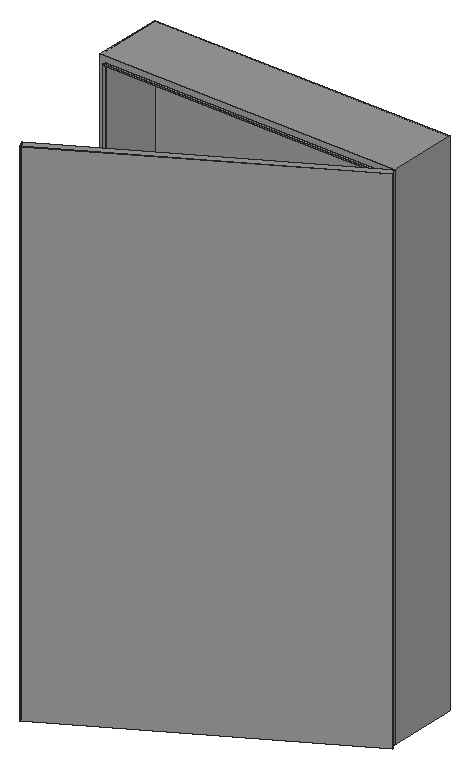
Revit family "Hager-Univers-IP44-D205-H1400-Cl.II-Encl-NoHosted-AT-de", category Equipement électrique, Revit 2020
Family settings
  Configuration du panneau = Deux colonnes, circuits au sein
  Cote de connecteur circulaire = Utiliser le diamètre
  Type d'élément = Tableau de raccordement
  Basée sur le plan de construction = Oui
  Toujours verticalement = Oui
  Couper avec des vides une fois chargée = Non
  Partagée = Non
  Point de calcul de pièce = Non
Parameters (values of type "Aufputz IP44 B800 H1400 T205  - FP93SN2")
  Width Control [instance] = if([EF000008 - Breite] > Min Width, [EF000008 - Breite], Min Width)  # 800 mm
  Commentaires du type = [HG000003 - Bereich]  # "Univers"
  Thickness Door [instance] = if([EF009171 - Materialstärke Tür/Deckel] > 3 mm, 3 mm, [EF009171 - Materialstärke Tür/Deckel])  # 1 mm
  Seal Frame Offset [instance] = 17 mm  # constant formula
  Plinth Visibility [instance] = [HG000027 - Sockelhöhe] > 0 mm  # no
  Min Width [instance] = 100 mm  # constant formula
  Min Depth [instance] = (2 * [EF009170 - Materialstärke Gehäuse]) + 1 mm  # 3 mm
  Min Height [instance] = 100 mm  # constant formula
  Internal Frame Depth [instance] = (Door System Depth * 0.5)  # 9 mm
  Panel Name [instance] = ""  # (empty or 0)
  Model = ""
  HG000027 - Sockelhöhe = 0 mm
  HG000026 - Stehend auf dem Boden = no
  HG000024 - Höhe des unteren Teils = 600 mm
  HG000023 - Gehäuse mit doppeltem Querschnitt = no
  HG000016 - 3D-Türsichtbarkeit [instance] = yes
  HG000015 - Sichtbarkeit der Türöffnung [instance] = no
  HG000014 - Tür rechts [instance] = yes
  HG000013 - Tür links [instance] = not([HG000014 - Tür rechts])  # no
  HG000012 - Türschwenkwinkel [instance] = 30.00°
  HG000010 - Asymmetrische Türen = no
  HG000009 - Doppelflügeligen Tür = no
  HG000006 - Unterputz = no
  HG000004 - Herstellerreferenz = "FP93SN2"
  HG000003 - Bereich = "Univers"
  HG000002 - Mit tür = yes
  Frame Offset Bottom [instance] = 10 mm  # constant formula
  Frame Offset [instance] = 15 mm  # constant formula
  EF015940 - Deckel mit Überdruckentlastung = no
  EF011959 - Schutzart (NEMA) = ""
  EF009554 - Anzahl der Öffnungen für Flanschplatten = 6
  EF009212 - Ausführung Deckel = "EV000116 - geschlossen"
  EF009171 - Materialstärke Tür/Deckel = 1 mm
  EF009170 - Materialstärke Gehäuse = 1 mm
  EF008873 - Nennstrom (In) = 250 A
  EF007800 - Geeignet für Blitzschutz = no
  EF006306 - Mit Schloss = no
  EF006244 - Transparenter Deckel/Tür = no
  EF005474 - Schutzart (IP) = "EV006418 - IP44"
  EF004464 - Art der Tür = "EV002646 - Einzel"
  EF004427 - Anzahl der Module = 324
  EF004293 - Schlagfestigkeit = "EV006815 - IK09"
  EF003532 - Geeignet für Außengebrauch = no
  EF002950 - Breite in Teilungseinheiten = 36
  EF001613 - Funktionserhalt = "EV000494 - ohne"
  EF001596 - Werkstoff des Gehäuses = "EV000179 - Stahl"
  EF001131 - Innentiefe = 143 mm
  EF001088 - Anbaumöglichkeit = yes
  EF000437 - Anzahl der Leitungseinführungen = 6
  EF000339 - Art der Abdeckung = "EV001012 - Deckel"
  EF000266 - Anzahl der Reihen = 9
  EF000218 - Einbautiefe = 205 mm
  EF000118 - Mit Montageplatte = no
  EF000116 - RAL-Nummer = "9010"
  EF000049 - Tiefe = 205 mm
  EF000040 - Höhe = 1400 mm
  EF000008 - Breite = 800 mm
  EF000007 - Farbe = "EV000202 - weiß"
  EF000003 - Montageart = "EV000384 - Aufputz"
  Door System Leaf Tolerance [instance] = 1.5 mm  # constant formula
  Door System Depth [instance] = 18 mm  # constant formula
  Door Height [instance] = Height Control - [HG000027 - Sockelhöhe]  # 1400 mm
  Description = ""
  Default Elevation = 1219.2 mm
  Connector Offset [instance] = Height Control / 2  # 700 mm
  Fabricant = "Hager"  # constant formula
  Height Control [instance] = if([EF000040 - Höhe] > Min Height, [EF000040 - Höhe], Min Height)  # 1400 mm
  Depth Control [instance] = if([EF000049 - Tiefe] > Min Depth, [EF000049 - Tiefe], Min Depth)  # 205 mm
  Bottom Top Plate Trim [instance] = 1.5 mm  # constant formula
  Plinth height Ctrl [instance] = if([HG000027 - Sockelhöhe] > 0 mm, [HG000027 - Sockelhöhe], 12 mm)  # 12 mm
Types (5, lengths in mm): name | Width Control | HG000010 - Asymmetrische Türen | HG000009 - Doppelflügeligen Tür | HG000004 - Herstellerreferenz | EF009554 - Anzahl der Öffnungen für Flanschplatten | EF004464 - Art der Tür | EF004427 - Anzahl der Module | EF002950 - Breite in Teilungseinheiten | EF001131 - Innentiefe | EF000437 - Anzahl der Leitungseinführungen | EF000339 - Art der Abdeckung | EF000008 - Breite
  Aufputz IP44 B1050 H1400 T205  - FP94SN2 | 1050 | no | yes | "FP94SN2" | 8 | "EV003602 - Doppel" | 432 | 48 | 143 | 8 | "EV001012 - Deckel" | 1050
  Aufputz IP44 B1300 H1400 T205  - FP95SN2 | 1300 | yes | yes | "FP95SN2" | 10 | "EV003602 - Doppel" | 540 | 60 | 130 | 10 | "EV004216 - Tür" | 1300
  Aufputz IP44 B300 H1400 T205  - FP91SN2 | 300 | no | no | "FP91SN2" | 2 | "EV002646 - Einzel" | 108 | 12 | 143 | 2 | "EV001012 - Deckel" | 300
  Aufputz IP44 B550 H1400 T205  - FP92SN2 | 550 | no | no | "FP92SN2" | 4 | "EV002646 - Einzel" | 216 | 24 | 143 | 4 | "EV001012 - Deckel" | 550
  Aufputz IP44 B800 H1400 T205  - FP93SN2 | 800 | no | no | "FP93SN2" | 6 | "EV002646 - Einzel" | 324 | 36 | 143 | 6 | "EV001012 - Deckel" | 800
Reference planes
  plane 1 "Center (Front/Back)": y = 0
  plane 2: z = 0
  plane 3 "Center (Left/Right)": x = 0
  plane 4: y = 0
  plane 5: y = 0
  plane 6: z = 0
  plane 7: x = -400
  plane 8: x = 400
  plane 9: x = 399
  plane 10: x = -399
  plane 11: z = 0
  plane 12: z = 1
  plane 13: y = -205
  plane 14: y = -1
  plane 15: x = 0
  plane 16: y = -187
  plane 17: y = -204
  plane 18: y = -186
  plane 19: x = -384
  plane 20: x = 384
  plane 21: z = 11
  plane 22: x = -383
  plane 23: x = 383
  plane 24: z = 0
  plane 25: z = 1400
  plane 26: z = 1400
  plane 27: z = 1384
  plane 28: z = 1399
Forms (mm)
  Extrusion 1, solid, material "Hager_Steel_RAL7035_Light_Grey", detail levels medium+fine
    sketch origin (-208.679, -4572, 0) x (-1, 0, 0) y (0, -1, 0)
      loop
        line (191.321, -4385) -> (-608.679, -4385) -> (-608.679, -4572) -> (191.321, -4572) -> (191.321, -4385)
    from 0 to 1400
  Extrusion 2, void
    sketch origin (-350.771, -205, 1219.2) x (1, 0, 0) y (0, 0, 1)
      loop
        line (-48.229, 179.8) -> (-48.229, -1218.2) -> (749.771, -1218.2) -> (749.771, 179.8) -> (-48.229, 179.8)
    from -19 to -204
  Extrusion 3, void
    sketch origin (-290.084, -187, 1219.2) x (1, 0, 0) y (0, 0, 1)
      loop
        line (-93.916, -1208.2) -> (674.084, -1208.2) -> (674.084, 164.8) -> (-93.916, 164.8) -> (-93.916, -1208.2)
    from 0 to -1
  Extrusion 4, solid, material "Hager_Steel_RAL7035_Light_Grey", visible <- "Plinth Visibility", detail levels medium+fine
    sketch origin (0, 0, 0) x (1, 0, 0) y (0, 1, 0)
      loop
        line (-400, 0) -> (-400, -187) -> (400, -187) -> (400, 0) -> (-400, 0)
    from 0 to 12 <- "Plinth height Ctrl"
  Extrusion 5, solid, material "Hager_Steel_RAL7035_Light_Grey", detail levels coarse
    sketch origin (0, 0, 0) x (1, 0, 0) y (0, 1, 0)
      loop
        line (-400, 0) -> (-400, -205) -> (400, -205) -> (400, 0) -> (-400, 0)
    from 0 to 1400 <- "Height Control"
  Sweep 6, void
    path in 3D
      loop
        line (-400, -187, 12) -> (400, -187, 12) -> (400, 0, 12) -> (-400, 0, 12) -> (-400, -187, 12)
    profile origin (-400, -93.5, 12) x (1, 0, 0) y (0, 0, 1)
      loop
        line (0, 0) -> (0, -1.5) -> (1.5, -1.5)
        arc (1.5, -1.5) -> (1.061, -0.439) -> (0, 0) r 1.5
  Extrusion 7, solid, material "Hager_Steel_RAL7035_Light_Grey", detail levels fine
    sketch origin (-400, -187, 0) x (1, 0, 0) y (0, 0, 1)
      loop
        line (16, 11) -> (784, 11) -> (784, 1384) -> (16, 1384) -> (16, 11)
      loop
        line (15, 10) -> (785, 10) -> (785, 1385) -> (15, 1385) -> (15, 10)
    from 0 to 9 <- "Internal Frame Depth"
Cuts and joins
  Extrusion 2, Extrusion 3 cuts Extrusion 1
  Sweep 6 cuts Extrusion 4
Lines and regions (mm)
  Masking region 1
    outline origin (0, 0, 0) x (1, 0, 0) y (0, 1, 0)
      loop
        line (-400, 0) -> (-400, -205) -> (400, -205) -> (400, 0) -> (-400, 0)
  Masking region 2, detail levels coarse
    outline origin (-290.084, -187, 1219.2) x (-1, 0, 0) y (0, 0, 1)
      loop
        line (-690.084, -1219.2) -> (109.916, -1219.2) -> (109.916, 180.8) -> (-690.084, 180.8) -> (-690.084, -1219.2)
  Masking region 3, detail levels coarse
    outline origin (0, 0, 0) x (0, 1, 0) y (0, 0, 1)
      loop
        line (0, 0) -> (0, 1400) -> (-205, 1400) -> (-205, 0) -> (0, 0)
  Masking region 4, visible <- "Plinth Visibility", detail levels medium+fine
    outline origin (0, 0, 0) x (0, 1, 0) y (0, 0, 1)
      loop
        line (-1.5, 12) -> (-185.5, 12)
        arc (-185.5, 12) -> (-185.939, 10.939) -> (-187, 10.5) r 1.5
        line (-187, 10.5) -> (-187, 0) -> (0, 0) -> (0, 10.5)
        arc (0, 10.5) -> (-1.061, 10.939) -> (-1.5, 12) r 1.5
  Masking region 5, detail levels medium+fine
    outline origin (0, 0, 594.038) x (0, 1, 0) y (0, 0, 1)
      loop
        line (0, -594.038) -> (0, 805.962) -> (-187, 805.962) -> (-187, -594.038) -> (0, -594.038)
  Masking region 6, detail levels medium+fine
    outline origin (-359.7, -187, 1211.883) x (-1, 0, 0) y (0, 0, 1)
      loop
        line (-759.7, -1211.883) -> (40.3, -1211.883) -> (40.3, 188.117) -> (-759.7, 188.117) -> (-759.7, -1211.883)
  Masking region 7, visible <- "Plinth Visibility", detail levels medium+fine
    outline origin (-320.334, -187, 1041.368) x (-1, 0, 0) y (0, 0, 1)
      loop
        line (-720.334, -1041.368) -> (79.666, -1041.368) -> (79.666, -1030.868)
        arc (79.666, -1030.868) -> (78.606, -1030.429) -> (78.166, -1029.368) r 1.5
        line (78.166, -1029.368) -> (-718.834, -1029.368)
        arc (-718.834, -1029.368) -> (-719.273, -1030.429) -> (-720.334, -1030.868) r 1.5
        line (-720.334, -1030.868) -> (-720.334, -1041.368)
  sketch lines
    curve 1: line (-400, 0, 12) -> (-400, -187, 12)
    curve 2: line (-400, -187, 12) -> (400, -187, 12)
    curve 3: line (400, 0, 12) -> (-400, 0, 12)
    curve 4: line (400, -187, 12) -> (400, 0, 12)
Dimensions and locks
  locked: plane 1 "Center (Front/Back)" to plane 5
  "EF009170 - Materialstärke Gehäuse": plane 7 to plane 10
  "EF009170 - Materialstärke Gehäuse": plane 8 to plane 9
  equal spacing: plane 7, plane 3 "Center (Left/Right)", plane 8
  "Width Control": plane 7 to plane 8
  "Depth Control": plane 4 to plane 13
  "EF009170 - Materialstärke Gehäuse": plane 4 to plane 14
  "Height Control": plane 25 to level
  "HG000027 - Sockelhöhe": plane 11 to level
  "EF009170 - Materialstärke Gehäuse": plane 12 to plane 11
  "EF009170 - Materialstärke Gehäuse": plane 17 to plane 13
  "EF009170 - Materialstärke Gehäuse": plane 18 to plane 16
  "Frame Offset Bottom": plane 21 to plane 12
  "Frame Offset": plane 10 to plane 19
  "Frame Offset": plane 9 to plane 20
  "Door System Depth": plane 16 to plane 13
  "Seal Frame Offset": plane 7 to plane 22
  "Seal Frame Offset": plane 8 to plane 23
  "EF009170 - Materialstärke Gehäuse": plane 26 to plane 28
  "Frame Offset": plane 28 to plane 27
  "Connector Offset": plane 2 to connector elem
  "Bottom Top Plate Trim": profile plane to Sweep 6 sketch curve
  "Bottom Top Plate Trim": Sweep 6 sketch curve to Sweep 6 sketch curve
  "Plinth height Ctrl": Masking region 4 sketch curve to level
  "Plinth height Ctrl": Masking region 7 sketch curve to level
  "Thickness Door": Extrusion 7 sketch curve to Extrusion 7 sketch curve  (x4)
  "Bottom Top Plate Trim": radius of Sweep 6 sketch curve
  "Bottom Top Plate Trim": radius of Masking region 4 sketch curve  (x2)
  "Bottom Top Plate Trim": radius of Masking region 7 sketch curve  (x2)
  aligned and locked: Extrusion 2 sketch curve to plane 12
  aligned and locked: Extrusion 2 sketch curve to plane 9
  aligned and locked: Extrusion 2 sketch curve to plane 10
  aligned and locked: Extrusion 2 to plane 14
  aligned and locked: Extrusion 1 sketch curve to plane 4
  aligned and locked: plane 8 to Extrusion 1 sketch curve
  aligned and locked: plane 7 to Extrusion 1 sketch curve
  aligned and locked: Extrusion 2 to plane 18
  aligned and locked: Extrusion 3 sketch curve to plane 19
  aligned and locked: plane 20 to Extrusion 3 sketch curve
  aligned and locked: Extrusion 3 to Extrusion 2
  aligned and locked: Extrusion 3 sketch curve to plane 21
  aligned and locked: plane 3 "Center (Left/Right)" to nested 1
  aligned and locked: Extrusion 1 sketch curve to plane 16
  aligned and locked: Extrusion 4 sketch curve to cut or joined group of Extrusion 1, Extrusion 2, Extrusion 3
  aligned and locked: Masking region 1 sketch curve to plane 7
  aligned and locked: Masking region 1 sketch curve to plane 5
  aligned and locked: Masking region 1 sketch curve to plane 8
  aligned and locked: Masking region 2 sketch curve to level
  aligned and locked: level to Masking region 3 sketch curve
  aligned and locked: plane 1 "Center (Front/Back)" to Masking region 3 sketch curve
  aligned and locked: plane 13 to Masking region 3 sketch curve
  aligned and locked: plane 5 to Masking region 4 sketch curve
  aligned and locked: Masking region 2 sketch curve to plane 8
  aligned and locked: Masking region 2 sketch curve to plane 7
  aligned and locked: plane 7 to nested 2
  aligned and locked: nested 2 to plane 5
  aligned and locked: plane 5 to Masking region 5 sketch curve
  aligned and locked: plane 26 to Masking region 5 sketch curve
  aligned and locked: Extrusion 5 sketch curve to plane 8
  aligned and locked: Extrusion 5 sketch curve to plane 7
  aligned and locked: Extrusion 5 sketch curve to plane 5
  aligned and locked: Extrusion 3 sketch curve to plane 27
  aligned and locked: Extrusion 2 sketch curve to plane 28
  aligned and locked: Masking region 2 to plane 25
  aligned and locked: Extrusion 4 to plane 16
  aligned and locked: profile plane to Sweep 6 sketch curve
  aligned and locked: Masking region 5 sketch curve to plane 24
  aligned and locked: level to Masking region 4 sketch curve
  aligned and locked: Masking region 1 to plane 13
  aligned and locked: nested 1 to plane 16
  aligned and locked: Masking region 3 to plane 25
  aligned and locked: plane 16 to Masking region 4 sketch curve
  aligned and locked: Masking region 5 sketch curve to plane 16
  aligned and locked: plane 24 to plane 11
  aligned and locked: plane 26 to plane 25
  aligned and locked: plane 26 to cut or joined group of Extrusion 1, Extrusion 2, Extrusion 3
  aligned and locked: nested 1 to plane 24
  aligned and locked: Extrusion 1 to Extrusion 3
  aligned and locked: Masking region 6 sketch curve to plane 8
  aligned and locked: Masking region 6 sketch curve to plane 24
  aligned and locked: Masking region 6 sketch curve to plane 7
  aligned and locked: Masking region 6 sketch curve to plane 26
  aligned and locked: Masking region 7 sketch curve to plane 7
  aligned and locked: level to Masking region 7 sketch curve
  aligned and locked: Masking region 7 sketch curve to plane 8
  aligned and locked: Extrusion 7 sketch curve to cut or joined group of Extrusion 1, Extrusion 2, Extrusion 3  (x4)
Automatic sketch dimensions
  plane 19 to Extrusion 3 sketch curve = 0 mm
  Extrusion 3 sketch curve to plane 20 = 0 mm
  Extrusion 3 sketch curve to plane 21 = 0 mm
  Extrusion 4 sketch curve to plane 7 = 0 mm
  Extrusion 4 sketch curve to plane 8 = 0 mm
  Extrusion 4 sketch curve to plane 16 = 0 mm
  Masking region 1 sketch curve to plane 13 = 0 mm
  Masking region 2 sketch curve to plane 25 = 0 mm
  Masking region 3 sketch curve to plane 25 = 0 mm
  Extrusion 5 sketch curve to plane 13 = 0 mm
  profile plane to Sweep 6 sketch curve = 0 mm
Nested families
  nested 1: "EC000058_Univers_Door" at (0, -187, 0), Double <- "HG000009 - Doppelflügeligen Tür", Transparent <- "EF006244 - Transparenter Deckel/Tür", Angle <- "HG000012 - Türschwenkwinkel", Door_Right <- "HG000014 - Tür rechts", Assymetrical <- "HG000010 - Asymmetrische Türen", Door <- "HG000002 - Mit tür", Width_Ctrl <- "Width Control", 3d_Door <- "HG000016 - 3D-Türsichtbarkeit", Clearance <- "HG000015 - Sichtbarkeit der Türöffnung", Door_Left <- "HG000013 - Tür links", Width <- "Width Control", Door_Depth <- "Door System Depth", Leaf_Tolerance <- "Door System Leaf Tolerance", Height <- "Door Height", Lock_Visibility <- "EF006306 - Mit Schloss", Thickness <- "Thickness Door", type "EC000058_Univers_Door", detail levels medium+fine
    with min_wh 3 mm, Width_Ctrl 800 mm, Width 800 mm, Transparent no, Thickness 1 mm, Seal_Material Hager_Rubber, Lock_Visibility no, Lock_Material Hager_Plastic_RAL9005_Jet_Black, Leaf_Width 800 mm, Leaf_Tolerance_External_Sides 0 mm, Leaf_Tolerance 1.5 mm, Leaf_Offset 0 mm, Leaf_Height 1397 mm, Leaf_2_Width 800 mm, Leaf_2_Offset 400 mm, Leaf_1_Width 800 mm, Leaf_1_Offset 400 mm, Height_Ctrl 1400 mm, Height 1400 mm, Glass_Material Hager_Glass, Double_Clearance_Ctrl no, Double no, Door_Right_Ctrl yes, Door_Right yes, Door_Material Hager_Steel_RAL7035_Light_Grey, Door_Left_Ctrl no, Door_Left no, Door_Depth 18 mm, Door yes, Clearance_Material Hager_Clearance, Clearance_Depth 800 mm, Clearance_Ctrl no, Clearance no, Assymetrical no, Angle 30.00°, 3d_Door yes
  nested 2: "Hager_Enclosure_Symbol" at (-400, 0, 0), Height <- "Depth Control", Width <- "Width Control", type "Hager_Enclosure_Symbol"
    with Width_Ctrl 800 mm, Width 800 mm, Height_Ctrl 205 mm, Height 205 mm, A_Width_Int 13.453 mm, A_Width 161.438 mm, A_Height_Ctrl 179.375 mm, A_Height 179.375 mm
Connectors
  electrical at (0, 0, 700)
    settings: on plane 1 "Center (Front/Back)", index 1, voltage 0 V, apparent load 0 VA, apparent load phase1 0 VA, apparent load phase2 0 VA, apparent load phase3 0 VA, power factor 1, load classification "Other", number of poles 1, system type 30, power factor state 1, is connector primary yes, connector utility no, sub classification motor no, connector description ""
Definition of nested family "EC000058_Univers_Door"
  Parameters (values of type "EC000058_Univers_Door")
    min_wh [instance] = (2 * Thickness) + 1 mm  # 11 mm
    Width_Ctrl [instance] = 400 mm
    Width [instance] = 500 mm
    Transparent [instance] = yes
    Thickness [instance] = 5 mm
    Seal_Material [instance] = none
    Lock_Visibility [instance] = yes
    Lock_Material [instance] = none
    Leaf_Width [instance] = if((Width_Ctrl - 2 * Leaf_Tolerance_External_Sides) > 0 mm, (Width_Ctrl - 2 * Leaf_Tolerance_External_Sides), min_wh)  # 400 mm
    Leaf_Tolerance_External_Sides [instance] = 0 mm  # constant formula
    Leaf_Tolerance [instance] = 1.5 mm
    Leaf_Offset [instance] = 0 mm  # constant formula
    Leaf_Height [instance] = if((Height_Ctrl - 2 * Leaf_Tolerance) > 0 mm, (Height_Ctrl - 2 * Leaf_Tolerance), min_wh)  # 497 mm
    Leaf_2_Width [instance] = if(and(and(Double, Assymetrical), Door_Left), (Leaf_Width / 3) - (Leaf_Tolerance / 2), if(and(and(Double, Assymetrical), Door_Right), (Leaf_Width / 3) * 2 - (Leaf_Tolerance / 2), if(and(Double, not(Assymetrical)), (Leaf_Width / 2) - Leaf_Tolerance, Leaf_Width)))  # 400 mm
    Leaf_2_Offset [instance] = if(and(Double, Assymetrical), Leaf_2_Width / 2, if(and(Double, not(Assymetrical)), Leaf_Width / 4, Leaf_Width / 2))  # 200 mm
    Leaf_1_Width [instance] = if(and(and(Double, Assymetrical), Door_Right), (Leaf_Width / 3) - (Leaf_Tolerance / 2), if(and(and(Double, Assymetrical), Door_Left), (Width / 3) * 2 - (Leaf_Tolerance / 2), if(and(Double, not(Assymetrical)), (Leaf_Width / 2) - Leaf_Tolerance, Leaf_Width)))  # 400 mm
    Leaf_1_Offset [instance] = if(and(Double, Assymetrical), Leaf_1_Width / 2, if(and(Double, not(Assymetrical)), Leaf_Width / 4, Leaf_Width / 2))  # 200 mm
    Height_Ctrl [instance] = if(Height > min_wh, Height, min_wh)  # 500 mm
    Height [instance] = 500 mm
    Glass_Material [instance] = none
    Double_Clearance_Ctrl [instance] = and(Double, Clearance)  # no
    Double [instance] = no
    Door_Right_Ctrl [instance] = and(or(Door_Right, Double), Door)  # yes
    Door_Right [instance] = yes
    Door_Material [instance] = none
    Door_Left_Ctrl [instance] = and(or(Door_Left, Double), Door)  # no
    Door_Left [instance] = no
    Door_Depth [instance] = 30 mm
    Door [instance] = yes
    Default Elevation = 1219.2 mm
    Clearance_Material [instance] = none
    Clearance_Depth [instance] = if(Leaf_1_Width > Leaf_2_Width, Leaf_1_Width, Leaf_2_Width)  # 400 mm
    Clearance_Ctrl [instance] = and(not(Double), Clearance)  # yes
    Clearance [instance] = yes
    Assymetrical [instance] = yes
    Angle [instance] = 30.00°
    3d_Door [instance] = yes
  Reference planes
    plane 1 "Center (Front/Back)": y = 0
    plane 2 "Bottom": z = 0
    plane 3 "Center (Left/Right)": x = 0
    plane 4: z = 500
    plane 5: x = -200
    plane 6: x = 200
    plane 7: z = 500
    plane 8: x = -200
    plane 9: z = 0
    plane 10: x = 200
    plane 11: y = 0
    plane 12: z = 1.5
    plane 13: x = -600
    plane 14: y = -400
    plane 15: x = 600
    plane 16: x = 0
    plane 17: x = 0
    plane 18: x = -200
    plane 19: x = 200
    plane 20: z = 498.5
  Forms (mm)
    Extrusion 1, solid, material <- "Clearance_Material", visible <- "Double_Clearance_Ctrl"
      sketch origin (1200, 0, 0) x (1, 0, 0) y (0, 0, -1)
        loop
          line (-1800, -498.5) -> (-600, -498.5) -> (-600, 0) -> (-1800, 0) -> (-1800, -498.5)
      from 0 to -400
  Dimensions and locks
    equal spacing: plane 5, plane 3 "Center (Left/Right)", plane 6
    "Width_Ctrl": plane 5 to plane 6
    "Leaf_Offset": plane 5 to plane 8
    "Leaf_Offset": plane 6 to plane 10
    "Leaf_Offset": plane 9 to level
    "Leaf_Offset": plane 4 to plane 7
    "Height_Ctrl": plane 4 to level
    "Leaf_Tolerance": plane 12 to plane 9
    locked: plane 11 to plane 1 "Center (Front/Back)"
    "Leaf_1_Offset": plane 18 to plane 16
    "Leaf_2_Offset": plane 17 to plane 19
    "Leaf_1_Width": plane 13 to plane 8
    "Leaf_2_Width": plane 10 to plane 15
    "Clearance_Depth": plane 14 to plane 1 "Center (Front/Back)"
    "Leaf_Tolerance_External_Sides": plane 8 to plane 18
    "Leaf_Tolerance_External_Sides": plane 19 to plane 10
    "Leaf_Tolerance": plane 7 to plane 20
    aligned and locked: level to plane 2 "Bottom"
    aligned and locked: nested 1 to plane 16
    aligned and locked: nested 2 to plane 17
    aligned and locked: Extrusion 1 to plane 13
    aligned and locked: plane 15 to Extrusion 1
    aligned and locked: Extrusion 1 to plane 14
    aligned and locked: plane 12 to nested 1
    aligned and locked: nested 2 to plane 12
    aligned and locked: Extrusion 1 to plane 11
    aligned and locked: plane 20 to Extrusion 1
    aligned and locked: nested 2 to plane 11
    aligned and locked: nested 1 to plane 11
  Automatic sketch dimensions
    Extrusion 1 sketch curve to level = 0 mm
    plane 5 to Extrusion 1 sketch curve = 400 mm
    plane 6 to Extrusion 1 sketch curve = 400 mm
    Extrusion 1 sketch curve to plane 4 = 1.5 mm
  Nested families
    nested 1: "EC000058_Univers_Door_Leaf" at (0, 0, 1.5), Width <- "Leaf_1_Width", visible <- "Door_Left_Ctrl", Leaf_Height <- "Leaf_Height", Angle <- "Angle", 3d_Door <- "3d_Door", Transparent <- "Transparent", Clearance Material <- "Clearance_Material", Clearance <- "Clearance_Ctrl", Door_Material <- "Door_Material", Glass_Material <- "Glass_Material", Door_Depth <- "Door_Depth", Lock_Material <- "Lock_Material", Seal_Material <- "Seal_Material", Lock_Visibility <- "Lock_Visibility", Thickness <- "Thickness", type "EC000058_Univers_Door_Leaf"
      with Width 400 mm, Transparent_Glass_Offset 30 mm, Transparent_Ctrl yes, Transparent yes, Thickness 5 mm, Standard no, Seal_Material none, Seal_D2 8 mm, Seal_D1 1 mm, Offset_Internal_Frame 10 mm, Lock_Width 20 mm, Lock_Visibility_3d yes, Lock_Visibility yes, Lock_Thickness_3 3 mm, Lock_Thickness_2 1 mm, Lock_Thickness_1 3 mm, Lock_Radius_Offset_2 16 mm, Lock_Radius_Offset_1 15 mm, Lock_Radius_2 5 mm, Lock_Radius 6 mm, Lock_Offset 5 mm, Lock_Material none, Lock_Height 80 mm, Lock_Cover_Top_Offset_2d 17 mm, Lock_Cover_Height -65 mm, Leaf_Height 497 mm, Internal_Seal_Thickness 8 mm, Internal_Seal_Depth_2 4.5 mm, Internal_Frame_Depth 25 mm, Glass_Thickness -1 mm, Glass_Offset -2 mm, Glass_Material none, Door_Material none, Door_Depth 30 mm, Clearance Material none, Clearance yes, Angle_Ctrl 30.00°, Angle 30.00°, 3d_Door yes
    nested 2: "EC000058_Univers_Door_Leaf" at (0, 0, 1.5) x (-1, 0, 0) z (0, 0, 1), Width <- "Leaf_2_Width", visible <- "Door_Right_Ctrl", Leaf_Height <- "Leaf_Height", Angle <- "Angle", 3d_Door <- "3d_Door", Transparent <- "Transparent", Clearance Material <- "Clearance_Material", Clearance <- "Clearance_Ctrl", Door_Material <- "Door_Material", Glass_Material <- "Glass_Material", Door_Depth <- "Door_Depth", Lock_Material <- "Lock_Material", Seal_Material <- "Seal_Material", Lock_Visibility <- "Lock_Visibility", Thickness <- "Thickness", type "EC000058_Univers_Door_Leaf"
      with Width 400 mm, Transparent_Glass_Offset 30 mm, Transparent_Ctrl yes, Transparent yes, Thickness 5 mm, Standard no, Seal_Material none, Seal_D2 8 mm, Seal_D1 1 mm, Offset_Internal_Frame 10 mm, Lock_Width 20 mm, Lock_Visibility_3d yes, Lock_Visibility yes, Lock_Thickness_3 3 mm, Lock_Thickness_2 1 mm, Lock_Thickness_1 3 mm, Lock_Radius_Offset_2 16 mm, Lock_Radius_Offset_1 15 mm, Lock_Radius_2 5 mm, Lock_Radius 6 mm, Lock_Offset 5 mm, Lock_Material none, Lock_Height 80 mm, Lock_Cover_Top_Offset_2d 17 mm, Lock_Cover_Height -65 mm, Leaf_Height 497 mm, Internal_Seal_Thickness 8 mm, Internal_Seal_Depth_2 4.5 mm, Internal_Frame_Depth 25 mm, Glass_Thickness -1 mm, Glass_Offset -2 mm, Glass_Material none, Door_Material none, Door_Depth 30 mm, Clearance Material none, Clearance yes, Angle_Ctrl 30.00°, Angle 30.00°, 3d_Door yes
  Definition of nested family "EC000058_Univers_Door_Leaf"
    Parameters (values of type "EC000058_Univers_Door_Leaf")
      Width [instance] = 2000 mm
      Transparent_Glass_Offset [instance] = 30 mm
      Transparent_Ctrl [instance] = and(Transparent, [3d_Door])  # yes
      Transparent [instance] = yes
      Thickness [instance] = 5 mm
      Standard [instance] = and(not(Transparent), [3d_Door])  # no
      Seal_Material [instance] = none
      Seal_D2 [instance] = 8 mm  # constant formula
      Seal_D1 [instance] = 1 mm  # constant formula
      Offset_Internal_Frame [instance] = 10 mm  # constant formula
      Lock_Width [instance] = 20 mm  # constant formula
      Lock_Visibility_3d [instance] = and(Lock_Visibility, [3d_Door])  # yes
      Lock_Visibility [instance] = yes
      Lock_Thickness_3 [instance] = 3 mm  # constant formula
      Lock_Thickness_2 [instance] = 1 mm  # constant formula
      Lock_Thickness_1 [instance] = 3 mm  # constant formula
      Lock_Radius_Offset_2 [instance] = Lock_Radius_Offset_1 + 1 mm  # 16 mm
      Lock_Radius_Offset_1 [instance] = 15 mm  # constant formula
      Lock_Radius_2 [instance] = Lock_Radius - 1 mm  # 5 mm
      Lock_Radius [instance] = 6 mm  # constant formula
      Lock_Offset [instance] = 5 mm  # constant formula
      Lock_Material [instance] = none
      Lock_Height [instance] = 80 mm  # constant formula
      Lock_Cover_Top_Offset_2d [instance] = Lock_Radius_Offset_2 + 1 mm  # 17 mm
      Lock_Cover_Height [instance] = -(Lock_Height - Lock_Radius_Offset_1)  # -65 mm
      Leaf_Height [instance] = 2720.336 mm
      Internal_Seal_Thickness [instance] = 8 mm  # constant formula
      Internal_Seal_Depth_2 [instance] = 4.5 mm  # constant formula
      Internal_Frame_Depth [instance] = if(Door_Depth - Thickness > 5 mm, Door_Depth - Thickness, 5 mm)  # 25 mm
      Glass_Thickness [instance] = if(Thickness > 15 mm, Glass_Offset + 10 mm, -1 mm)  # -1 mm
      Glass_Offset [instance] = if(Thickness > 15 mm, -(Thickness + 10 mm) / 2, -2 mm)  # -2 mm
      Glass_Material [instance] = none
      Door_Material [instance] = none
      Door_Depth [instance] = 30 mm
      Default Elevation = 0 mm
      Clearance Material [instance] = none
      Clearance [instance] = yes
      Angle_Ctrl [instance] = if(Angle > 180.00°, 180.00°, Angle)  # 90.00°
      Angle [instance] = 90.00°
      3d_Door [instance] = yes
    Reference planes
      plane 1 "Center (Front/Back)": y = 0
      plane 2: z = 0
      plane 3 "Center (Left/Right)": x = 0
      plane 4: y = 2000
      plane 5: x = -1000
      plane 6: x = 1000
      plane 7: x = -3000
      plane 8: z = 2720.336
      plane 9: z = 30
      plane 10: z = 2690.336
      plane 11: x = 970
      plane 12: x = -970
      plane 13: y = -3
      plane 14: z = 107.833
      plane 15: y = -5
      plane 16: y = -223.314
      plane 17: x = -1000
      plane 18: z = 1360.168
      plane 19: y = 30
    Forms (mm)
      Extrusion 1, solid, material <- "Clearance Material", visible <- "Clearance"
        sketch origin (0, 0, 0) x (1, 0, 0) y (0, 0, 1)
          loop
            line (-3000, 2720.336) -> (-3000, 0) -> (1000, 0) -> (1000, 2720.336) -> (-3000, 2720.336)
        from 0 to -2000
      Extrusion 2, solid, material <- "Door_Material", visible <- "Standard", detail levels medium+fine
        sketch origin (-1000, 0, 0) x (0, 1, 0) y (-1, 0, 0)
          loop
            line (0, 30) -> (0, 25) -> (2000, 25) -> (2000, 30) -> (0, 30)
        from 0 to 2720.336 <- "Leaf_Height"
      Extrusion 3, solid, material <- "Door_Material", visible <- "Transparent_Ctrl", detail levels medium+fine
        sketch origin (-1000, 0, 0) x (0, 1, 0) y (-1, 0, 0)
          loop
            line (0, 25) -> (2000, 25) -> (2000, 30) -> (0, 30) -> (0, 25)
        from 0 to 2720.336 <- "Leaf_Height"
      Extrusion 4, void
        sketch origin (-1025, 2000, 0) x (0, 1, 0) y (0, 0, -1)
          loop
            line (-30, -2690.336) -> (-30, -30) -> (-1970, -30) -> (-1970, -2690.336) -> (-30, -2690.336)
        from 0 to 5 <- "Thickness"
      Sweep 5, solid, material <- "Seal_Material", visible <- "Transparent_Ctrl", detail levels fine
        path in 3D
          loop
            line (-1025, 30, 30) -> (-1025, 30, 2690.336) -> (-1025, 1970, 2690.336) -> (-1025, 1970, 30) -> (-1025, 30, 30)
        profile origin (-1025, 1000, 30) x (1, 0, 0) y (0, 0, 1)
          loop
            line (0, 0) -> (0, -8) -> (1, -8) -> (1, 0) -> (0, 0)
      Extrusion 6, solid, material <- "Glass_Material", visible <- "Transparent_Ctrl", detail levels medium+fine
        sketch origin (-1030, 0, 0) x (0, 1, 0) y (0, 0, -1)
          loop
            line (1970, -2690.336) -> (1970, -30) -> (30, -30) -> (30, -2690.336) -> (1970, -2690.336)
        from -2 <- "Glass_Offset" to -1 <- "Glass_Thickness"
      Extrusion 7, solid, material <- "Door_Material", visible <- "3d_Door", detail levels medium+fine
        sketch origin (-1025, 2000, 0) x (0, -1, 0) y (0, 0, -1)
          loop
            line (0, -2720.336) -> (2000, -2720.336) -> (2000, 0) -> (0, 0) -> (0, -2720.336)
          loop
            line (1995, -5) -> (5, -5) -> (5, -2715.336) -> (1995, -2715.336) -> (1995, -5)
        from 0 to 25 <- "Internal_Frame_Depth"
      Sweep 8, solid, material <- "Seal_Material", visible <- "Transparent_Ctrl", detail levels fine
        path in 3D
          loop
            line (-1025, 0, 0) -> (-1025, 2000, 0) -> (-1025, 2000, 2720.336) -> (-1025, 0, 2720.336) -> (-1025, 0, 0)
        profile origin (-1025, 0, 1360.168) x (1, 0, 0) y (0, 1, 0)
          loop
            line (0, 10) -> (2.975, 10)
            arc (2.975, 10) -> (4.053, 10.447) -> (4.5, 11.525) r 1.525
            line (4.5, 11.525) -> (4.5, 16.527)
            arc (4.5, 16.527) -> (4.069, 17.569) -> (3.027, 18) r 1.473
            line (3.027, 18) -> (0, 18) -> (0, 10)
      Extrusion 9, solid, material <- "Lock_Material", visible <- "Lock_Visibility_3d", detail levels fine
        sketch origin (-1030, 0, 0) x (0, 1, 0) y (0, 0, -1)
          loop
            arc (1993.5, -1400.168) -> (1994.561, -1399.729) -> (1995, -1398.668) r 1.5
            line (1995, -1398.668) -> (1995, -1320.168) -> (1975, -1320.168) -> (1975, -1398.668)
            arc (1975, -1398.668) -> (1975.439, -1399.729) -> (1976.5, -1400.168) r 1.5
            line (1976.5, -1400.168) -> (1993.5, -1400.168)
        from 3 <- "Lock_Thickness_1" to 0
      Blend 10, solid, material <- "Lock_Material", visible <- "Lock_Visibility_3d", detail levels fine
        base sketch origin (-1033, 0, 0) x (0, 1, 0) y (0, 0, -1)
          loop
            line (1975, -1320.168) -> (1975, -1398.668)
            arc (1975, -1398.668) -> (1975.439, -1399.729) -> (1976.5, -1400.168) r 1.5
            line (1976.5, -1400.168) -> (1993.5, -1400.168)
            arc (1993.5, -1400.168) -> (1994.561, -1399.729) -> (1995, -1398.668) r 1.5
            line (1995, -1398.668) -> (1995, -1320.168) -> (1975, -1320.168)
        top sketch origin (-1033, 0, 0) x (0, 1, 0) y (0, 0, -1)
          loop
            line (1976, -1320.168) -> (1976, -1398.668)
            arc (1976, -1398.668) -> (1976.146, -1399.022) -> (1976.5, -1399.168) r 0.5
            line (1976.5, -1399.168) -> (1993.5, -1399.168)
            arc (1993.5, -1399.168) -> (1993.854, -1399.022) -> (1994, -1398.668) r 0.5
            line (1994, -1398.668) -> (1994, -1320.168) -> (1976, -1320.168)
        from 0 to 1 <- "Lock_Thickness_2"
      Blend 11, solid, material <- "Lock_Material", visible <- "Lock_Visibility_3d", detail levels fine
        base sketch origin (-1034, 0, 0) x (0, 1, 0) y (0, 0, -1)
          loop
            line (1978, -1320.168) -> (1978, -1384.168)
            arc (1978, -1384.168) -> (1985, -1391.168) -> (1992, -1384.168) r 7
            line (1992, -1384.168) -> (1992, -1320.168) -> (1978, -1320.168)
        top sketch origin (-1034, 0, 0) x (0, 1, 0) y (0, 0, -1)
          loop
            line (1991, -1320.168) -> (1979, -1320.168) -> (1979, -1383.168)
            arc (1979, -1383.168) -> (1985, -1389.168) -> (1991, -1383.168) r 6
            line (1991, -1383.168) -> (1991, -1320.168)
        from 0 to 3 <- "Lock_Thickness_3"
      Extrusion 12, solid, material <- "Lock_Material", visible <- "Lock_Visibility_3d", detail levels fine
        sketch origin (-1030, 1975, 1320.168) x (1, 0, 0) y (0, -1, 0)
          loop
            line (-7, -19) -> (-7, -1) -> (0, -1) -> (0, 0) -> (-8, 0) -> (-8, -20) -> (0, -20) -> (0, -19) -> (-7, -19)
        from 0 to -65 <- "Lock_Cover_Height"
      Extrusion 13, void
        sketch origin (-1038, 1995, 1320.168) x (-1, 0, 0) y (0, 0, -1)
          loop
            line (-5, -65) -> (0, -65) -> (-5, -60) -> (-5, -65)
        from 0 to 20 <- "Lock_Width"
      Extrusion 14, void
        sketch origin (-1038, 1975, 1320.168) x (0, -1, 0) y (0, 0, -1)
          loop
            circle (-10, -15.995) r 6
          loop
            circle (-10, -15.995) r 5
        from 0 to 2
      Extrusion 15, solid, material <- "Lock_Material", visible <- "Lock_Visibility_3d", detail levels medium
        sketch origin (-1030, 0, 0) x (0, 1, 0) y (0, 0, -1)
          loop
            arc (1993.5, -1400.168) -> (1994.561, -1399.729) -> (1995, -1398.668) r 1.5
            line (1995, -1398.668) -> (1995, -1320.168) -> (1975, -1320.168) -> (1975, -1398.668)
            arc (1975, -1398.668) -> (1975.439, -1399.729) -> (1976.5, -1400.168) r 1.5
            line (1976.5, -1400.168) -> (1993.5, -1400.168)
        from 8 to 0
    Cuts and joins
      Extrusion 4 cuts Extrusion 3
      Extrusion 13, Extrusion 14 cuts Extrusion 9
      Extrusion 14 cuts Blend 11
      Extrusion 13, Extrusion 14 cuts Extrusion 12
      joined: Extrusion 9, Blend 10, Blend 11, Extrusion 12
      Extrusion 14 cuts Extrusion 15
    Lines and regions (mm)
      Masking region 1, visible <- "Lock_Visibility", detail levels fine
        outline origin (0, 0, 0) x (0, 1, 0) y (0, 0, 1)
          loop
            line (30, 1320.168) -> (33, 1320.168) -> (33, 1400.168) -> (30, 1400.168) -> (30, 1320.168)
      Masking region 2, visible <- "Lock_Visibility", detail levels fine
        outline origin (0, 3.143, 0) x (0, 1, 0) y (0, 0, 1)
          loop
            line (29.857, 1354.168) -> (30.857, 1354.168) -> (30.857, 1366.168) -> (29.857, 1366.168) -> (29.857, 1354.168)
      Masking region 3, detail levels medium+fine
        outline origin (0, 0, 0) x (0, 1, 0) y (0, 0, 1)
          loop
            line (0, 0) -> (30, 0) -> (30, 2720.336) -> (0, 2720.336) -> (0, 0)
      Masking region 4, detail levels medium+fine
        outline origin (0, 0, 0) x (1, 0, 0) y (0, 0, 1)
          loop
            line (-1000, 2720.336) -> (-1000, 0) -> (1000, 0) -> (1000, 2720.336) -> (-1000, 2720.336)
      Masking region 5, visible <- "Lock_Visibility", detail levels fine
        outline origin (-47.116, 0, 0) x (1, 0, 0) y (0, 0, 1)
          loop
            arc (1024.616, 1399.168) -> (1023.556, 1398.729) -> (1023.116, 1397.668) r 1.5
            line (1023.116, 1397.668) -> (1023.116, 1320.168) -> (1041.116, 1320.168) -> (1041.116, 1397.668)
            arc (1041.116, 1397.668) -> (1040.677, 1398.729) -> (1039.616, 1399.168) r 1.5
            line (1039.616, 1399.168) -> (1024.616, 1399.168)
      Masking region 6, visible <- "Lock_Visibility", detail levels medium+fine
        outline origin (-25, 0, 0) x (1, 0, 0) y (0, 0, 1)
          loop
            arc (1001.5, 1400.168) -> (1000.439, 1399.729) -> (1000, 1398.668) r 1.5
            line (1000, 1398.668) -> (1000, 1320.168) -> (1020, 1320.168) -> (1020, 1398.668)
            arc (1020, 1398.668) -> (1019.561, 1399.729) -> (1018.5, 1400.168) r 1.5
            line (1018.5, 1400.168) -> (1001.5, 1400.168)
      Masking region 7, visible <- "Lock_Visibility", detail levels fine
        outline origin (-73.735, 0, 0) x (1, 0, 0) y (0, 0, 1)
          loop
            line (1051.735, 1382.168) -> (1065.735, 1382.168) -> (1065.735, 1384.168)
            arc (1065.735, 1384.168) -> (1058.735, 1391.168) -> (1051.735, 1384.168) r 7
            line (1051.735, 1384.168) -> (1051.735, 1382.168)
      Masking region 8, visible <- "Lock_Visibility", detail levels fine
        outline origin (-73.735, 0, 0) x (1, 0, 0) y (0, 0, 1)
          loop
            line (1052.735, 1382.168) -> (1064.735, 1382.168) -> (1064.735, 1383.168)
            arc (1064.735, 1383.168) -> (1058.735, 1389.168) -> (1052.735, 1383.168) r 6
            line (1052.735, 1383.168) -> (1052.735, 1382.168)
      Masking region 9, visible <- "Lock_Visibility", detail levels fine
        outline origin (-25, 0, 0) x (1, 0, 0) y (0, 0, 1)
          loop
            line (1020, 1320.168) -> (1020, 1382.168) -> (1000, 1382.168) -> (1000, 1320.168) -> (1020, 1320.168)
      Masking region 10, detail levels medium+fine
        outline origin (0, 0, 0) x (1, 0, 0) y (0, 0, 1)
          loop
            circle (985, 1335.144) r 6
      Masking region 11, detail levels fine
        outline origin (0, 0, 0) x (1, 0, 0) y (0, 0, 1)
          loop
            circle (985, 1335.144) r 5
      Masking region 12, visible <- "Lock_Visibility", detail levels fine
        outline origin (0, 12.767, 0) x (0, 1, 0) y (0, 0, 1)
          loop
            line (20.233, 1320.168) -> (21.233, 1320.168) -> (21.233, 1399.168) -> (20.233, 1400.168) -> (20.233, 1320.168)
      Masking region 13, visible <- "Lock_Visibility", detail levels fine
        outline origin (0, 13.767, -10) x (0, 1, 0) y (0, 0, 1)
          loop
            line (20.233, 1330.168) -> (23.233, 1330.168) -> (23.233, 1399.168) -> (20.233, 1402.168) -> (20.233, 1330.168)
      Masking region 14, visible <- "Lock_Visibility", detail levels fine
        outline origin (0, 12.767, -10) x (0, 1, 0) y (0, 0, 1)
          loop
            line (20.233, 1330.168) -> (25.233, 1330.168) -> (25.233, 1399.305) -> (20.233, 1394.305) -> (20.233, 1330.168)
      Masking region 15, visible <- "Lock_Visibility", detail levels medium
        outline origin (0, 0, 0) x (0, 1, 0) y (0, 0, 1)
          loop
            line (30, 1320.168) -> (38, 1320.168) -> (38, 1400.168) -> (30, 1400.168) -> (30, 1320.168)
      Masking region 16, visible <- "Lock_Visibility", detail levels fine
        outline origin (-1000, 0, 0) x (0, 1, 0) y (-1, 0, 0)
          loop
            line (1975, 30) -> (1995, 30) -> (1995, 38) -> (1975, 38) -> (1975, 30)
          loop
            line (1979, 37) -> (1976, 37) -> (1976, 34) -> (1978, 34) -> (1979, 37)
          loop
            line (1994, 37) -> (1991, 37) -> (1992, 34) -> (1994, 34) -> (1994, 37)
      Masking region 17, visible <- "Lock_Visibility", detail levels medium
        outline origin (-1000, 0, 0) x (0, 1, 0) y (-1, 0, 0)
          loop
            line (1975, 30) -> (1995, 30) -> (1995, 38) -> (1975, 38) -> (1975, 30)
      symbolic lines
        curve 1: line (1000, 0, 0) -> (-3000, 0, 0)
        curve 2: arc (1000, 0, 0) -> (-1000, 2000, 0) -> (-3000, 0, 0) r 2000
        curve 4: line (-1030, 0, 0) -> (-1030, 2000, 0)
      reference lines
        curve 3: line (-1000, 0, 0) -> (-1000, 2000, 0)
      symbolic lines, detail levels medium+fine
        curve 5: line (-1030, 2000, 0) -> (-1025, 2000, 0)
        curve 7: line (-1025, 0, 0) -> (-1030, 0, 0)
        curve 8: line (-1025, 0, 0) -> (-1000, 0, 0)
        curve 9: line (-1000, 0, 0) -> (-1000, 2000, 0)
        curve 10: line (-1000, 2000, 0) -> (-1025, 2000, 0)
      symbolic lines, detail levels fine
        curve 6: line (-1025, 2000, 0) -> (-1025, 0, 0)
      sketch lines
        curve 11: line (-1025, 0, 2720.336) -> (-1025, 0, 0)
        curve 12: line (-1025, 2000, 0) -> (-1025, 0, 0)
        curve 13: line (-1025, 2000, 2720.336) -> (-1025, 2000, 0)
        curve 14: line (-1025, 0, 2720.336) -> (-1025, 2000, 2720.336)
        curve 15: line (-1025, 1970, 30) -> (-1025, 30, 30)
        curve 16: line (-1025, 30, 30) -> (-1025, 30, 2690.336)
        curve 17: line (-1025, 1970, 2690.336) -> (-1025, 1970, 30)
        curve 18: line (-1025, 30, 2690.336) -> (-1025, 1970, 2690.336)
      symbolic lines, visible <- "Transparent", detail levels medium+fine
        curve 19: line (-970, 0, 2690.336) -> (970, 0, 2690.336)
        curve 20: line (-970, 0, 30) -> (-970, 0, 2690.336)
        curve 21: line (970, 0, 30) -> (-970, 0, 30)
        curve 22: line (970, 0, 2690.336) -> (970, 0, 30)
    Dimensions and locks
      "Width": plane 1 "Center (Front/Back)" to plane 4
      equal spacing: plane 5, plane 3 "Center (Left/Right)", plane 6
      "Width": plane 5 to plane 6
      "Width": plane 7 to plane 5
      "Leaf_Height": plane 8 to level
      "Width": curve 5 to curve 3
      "Width": curve 3 to curve 3
      plane 8 to plane 10 = 30 mm
      plane 9 to level = 30 mm
      plane 12 to plane 5 = 30 mm
      plane 6 to plane 11 = 30 mm
      Extrusion 1 to Extrusion 4 sketch curve = 30 mm
      "Transparent_Glass_Offset": curve 3 to Extrusion 4 sketch curve
      "Transparent_Glass_Offset": Extrusion 4 sketch curve to cut or joined group of Extrusion 3, Extrusion 4  (x2)
      cut or joined group of Extrusion 3, Extrusion 4 to Extrusion 6 sketch curve = 30 mm
      "Transparent_Glass_Offset": cut or joined group of Extrusion 3, Extrusion 4 to Extrusion 4 sketch curve
      "Thickness": curve 6 to curve 4
      "Thickness": Extrusion 7 sketch curve to Extrusion 7 sketch curve  (x4)
      "Door_Depth": curve 4 to curve 3
      "Offset_Internal_Frame": profile plane to Sweep 8 sketch curve
      "Internal_Seal_Thickness": Sweep 8 sketch curve to Sweep 8 sketch curve
      "Internal_Seal_Depth_2": profile plane to Sweep 8 sketch curve
      "Seal_D1": profile plane to Sweep 5 sketch curve
      "Seal_D2": profile plane to Sweep 5 sketch curve
      "Thickness": Extrusion 2 sketch curve to Extrusion 2 sketch curve
      equal spacing: Extrusion 9 sketch curve, plane 18, Extrusion 9 sketch curve  (x2)
      equal spacing: Masking region 1 sketch curve, plane 18, Masking region 1 sketch curve
      "Lock_Height": Masking region 1 sketch curve to Masking region 1 sketch curve
      "Lock_Radius": Masking region 2 sketch curve to plane 18 to Masking region 2 sketch curve
      Masking region 2 sketch curve to Masking region 1 = 1 mm
      "Door_Depth": plane 19 to plane 1 "Center (Front/Back)"
      "Lock_Thickness_1": Masking region 1 sketch curve to plane 19
      "Lock_Width": Extrusion 9 sketch curve to Extrusion 9 sketch curve
      "Lock_Height": Extrusion 9 sketch curve to Extrusion 9 sketch curve
      "Lock_Offset": cut or joined group of Extrusion 3, Extrusion 4 to Extrusion 9 sketch curve
      equal spacing: plane 8, plane 18, level
      "Lock_Radius_Offset_1": Blend 11 sketch curve to Blend 10
      locked: Blend 10 to Blend 11 sketch curve at 2  (x2)
      locked: var sketch to Blend 11 sketch curve at 1  (x2)
      "Lock_Radius_Offset_2": Blend 11 sketch curve to Blend 10
      locked: Extrusion 12 sketch curve to Extrusion 12 sketch curve at 1  (x3)
      Masking region 6 sketch curve to Masking region 6 sketch curve = 80 mm
      "Lock_Height": Masking region 6 sketch curve to Masking region 6 sketch curve
      "Lock_Width": Masking region 6 sketch curve to Masking region 6 sketch curve
      locked: Masking region 6 to Masking region 5 sketch curve at 1  (x3)
      locked: Masking region 5 to Masking region 7 sketch curve at 2  (x2)
      "Lock_Radius_Offset_1": Masking region 5 to Masking region 7 sketch curve
      "Lock_Radius_Offset_2": Masking region 5 to Masking region 8 sketch curve
      locked: Masking region 7 to Masking region 8 sketch curve at 1  (x2)
      "Lock_Cover_Top_Offset_2d": Masking region 5 to Masking region 9 sketch curve
      equal spacing: Masking region 9, Masking region 10 sketch curve, Masking region 9
      equal spacing: Masking region 9, Masking region 11 sketch curve, Masking region 9
      Extrusion 15 sketch curve to Extrusion 15 sketch curve = 80 mm
      "Lock_Width": Extrusion 15 sketch curve to Extrusion 15 sketch curve
      "Lock_Height": Extrusion 15 sketch curve to Extrusion 15 sketch curve
      equal spacing: Extrusion 15 sketch curve, plane 18, Extrusion 15 sketch curve
      "Lock_Thickness_3": Masking region 13 sketch curve to Masking region 13 sketch curve
      "Lock_Height": Masking region 12 sketch curve to Masking region 12 sketch curve
      locked: Masking region 13 sketch curve to Masking region 1 at 8
      locked: Masking region 14 sketch curve to Masking region 13 at 1
      locked: Masking region 14 sketch curve to Masking region 1 at 10.863
      "Lock_Height": Masking region 15 sketch curve to Masking region 15 sketch curve
      "Lock_Offset": Extrusion 15 sketch curve to cut or joined group of Extrusion 3, Extrusion 4
      "Lock_Offset": plane 6 to Masking region 6 sketch curve
      radius of Sweep 8 sketch curve = 1.525 mm
      radius of Sweep 8 sketch curve = 1.473 mm
      radius of Extrusion 9 sketch curve = 1.5 mm  (x2)
      "Lock_Radius": radius of Extrusion 14 sketch curve
      "Lock_Radius_2": radius of Extrusion 14 sketch curve
      "Lock_Radius": radius of Masking region 10 sketch curve
      "Lock_Radius_2": radius of Masking region 11 sketch curve
      radius of Extrusion 15 sketch curve = 1.5 mm  (x2)
      "Angle_Ctrl": angle plane 1 "Center (Front/Back)" to curve 3
      locked: Masking region 12 sketch curve to Masking region 12 sketch curve (angle 45.00°)
      locked: Masking region 13 sketch curve to Masking region 13 sketch curve (angle 45.00°)
      locked: Masking region 14 sketch curve to Masking region 14 sketch curve (angle 45.00°)
      aligned and locked: level to plane 2
      aligned and locked: Extrusion 1 to curve 1
      aligned and locked: plane 6 to Extrusion 1
      aligned and locked: Extrusion 1 to plane 1 "Center (Front/Back)"
      aligned and locked: plane 4 to Extrusion 1
      aligned and locked: plane 8 to Extrusion 1
      aligned and locked: curve 7 to Extrusion 2 sketch curve
      aligned and locked: curve 5 to Extrusion 2 sketch curve
      aligned and locked: curve 7 to Extrusion 3 sketch curve
      aligned and locked: Extrusion 3 sketch curve to curve 4
      aligned and locked: Extrusion 3 sketch curve to curve 6
      aligned and locked: Extrusion 3 sketch curve to curve 5
      aligned and locked: curve 9 to curve 3
      aligned and locked: Extrusion 7 sketch curve to cut or joined group of Extrusion 3, Extrusion 4  (x4)
      aligned and locked: plane 17 to curve 3
      aligned and locked: plane 1 "Center (Front/Back)" to curve 3
      aligned and locked: plane 17 to plane 5
      aligned and locked: Sweep 8 sketch curve to profile plane
      aligned and locked: Sweep 5 sketch curve to profile plane  (x2)
      aligned and locked: Masking region 1 to Masking region 2 sketch curve
      aligned and locked: plane 19 to Masking region 1 sketch curve
      aligned and locked: plane 1 "Center (Front/Back)" to Masking region 3 sketch curve
      aligned and locked: plane 19 to Masking region 3 sketch curve
      aligned and locked: level to Masking region 3 sketch curve
      aligned and locked: Masking region 3 sketch curve to plane 8
      aligned and locked: plane 17 to Masking region 4 sketch curve
      aligned and locked: level to Masking region 4 sketch curve
      aligned and locked: Masking region 4 sketch curve to plane 8
      aligned and locked: plane 12 to curve 20
      aligned and locked: plane 10 to curve 19
      aligned and locked: plane 11 to curve 22
      aligned and locked: curve 21 to plane 9
      aligned and locked: Extrusion 2 sketch curve to cut or joined group of Extrusion 3, Extrusion 4
      aligned and locked: Blend 10 sketch curve to Extrusion 9  (x4)
      aligned and locked: Extrusion 9 to Blend 10 sketch curve
      aligned and locked: Blend 10 to Blend 11 sketch curve
      aligned and locked: Extrusion 12 sketch curve to Blend 11
      aligned and locked: Extrusion 12 sketch curve to Extrusion 9  (x4)
      aligned and locked: Masking region 5 sketch curve to Masking region 6
      aligned and locked: Masking region 9 sketch curve to Masking region 6  (x3)
      aligned and locked: Masking region 12 sketch curve to Masking region 1
      aligned and locked: Masking region 13 sketch curve to Masking region 1
      aligned and locked: Masking region 12 to Masking region 14
      aligned and locked: Masking region 14 sketch curve to Masking region 1
      aligned and locked: Masking region 15 sketch curve to Masking region 14
      aligned and locked: Masking region 13 sketch curve to Masking region 12
      aligned and locked: Masking region 16 sketch curve to cut or joined group of Extrusion 14, Extrusion 15  (x4)
      aligned and locked: Masking region 16 sketch curve to cut or joined group of Extrusion 9, Blend 10, Blend 11, Extrusion 12, Extrusion 13, Extrusion 14  (x6)
      aligned and locked: cut or joined group of Extrusion 9, Blend 10, Blend 11, Extrusion 12, Extrusion 13, Extrusion 14 to Masking region 16 sketch curve
      aligned and locked: Masking region 17 sketch curve to cut or joined group of Extrusion 14, Extrusion 15  (x3)
      aligned and locked: Masking region 17 sketch curve to cut or joined group of Extrusion 9, Blend 10, Blend 11, Extrusion 12, Extrusion 13, Extrusion 14
      aligned and locked: Masking region 9 to Masking region 8 sketch curve
      aligned and locked: Masking region 9 to Masking region 7 sketch curve
    Automatic sketch dimensions
      plane 1 "Center (Front/Back)" to curve 2 = 0 mm
      curve 2 to plane 5 = 0 mm
      Extrusion 1 sketch curve to level = 0 mm
      Extrusion 1 sketch curve to plane 7 = 0 mm
      Extrusion 1 sketch curve to plane 6 = 0 mm
      Extrusion 1 sketch curve to plane 8 = 0 mm
      Extrusion 3 to Extrusion 6 sketch curve = 30 mm  (x4)
      Masking region 4 sketch curve to plane 6 = 0 mm
      Blend 10 sketch curve to Extrusion 9 = 1.5 mm
      Blend 10 sketch curve to Extrusion 9 = 1 mm
      Extrusion 13 sketch curve to Extrusion 12 = 0 mm  (x2)
      Extrusion 12 to Extrusion 13 sketch curve = 3 mm
      Extrusion 13 sketch curve to Extrusion 12 = 5 mm
      Extrusion 14 sketch curve to Extrusion 14 sketch curve = 0 mm  (x2)
      Extrusion 14 sketch curve to Extrusion 12 = 10 mm
      Extrusion 14 sketch curve to Extrusion 12 = 15.995 mm
      Masking region 5 sketch curve to Masking region 5 sketch curve = 1.5 mm  (x2)
      Masking region 10 sketch curve to plane 18 = 25.024 mm
      Masking region 11 sketch curve to plane 18 = 25.024 mm
      plane 19 to Masking region 14 sketch curve = 3 mm
      Masking region 16 sketch curve to Masking region 16 sketch curve = 3 mm
      curve 4 to curve 3 = 0 mm
      Blend 10 to Blend 11 sketch curve = 0 mm
      Masking region 6 sketch curve to Masking region 6 sketch curve = 1.5 mm  (x2)
      Masking region 6 sketch curve to plane 18 = 40 mm
      plane 19 to Masking region 12 sketch curve = 3 mm
      Masking region 12 sketch curve to Masking region 12 sketch curve = 1 mm
      Masking region 15 sketch curve to plane 19 = 0 mm
      Masking region 15 sketch curve to plane 18 = 40 mm
      radius of Blend 10 sketch curve to Extrusion 9 = 1 mm
Definition of nested family "Hager_Enclosure_Symbol"
  Parameters (values of type "Hager_Enclosure_Symbol")
    Width_Ctrl [instance] = if(Width > 1 mm, Width, 1 mm)  # 102.27 mm
    Width [instance] = 102.27 mm
    Height_Ctrl [instance] = if(Height > 1 mm, Height, 1 mm)  # 66.5 mm
    A_Width_Int [instance] = if(A_Width / 12 > 2 mm, A_Width / 12, 2 mm)  # 4.364 mm
    A_Width [instance] = if(A_Height_Ctrl * 0.9 > 2 mm, A_Height_Ctrl * 0.9, 2 mm)  # 52.369 mm
    A_Height_Ctrl [instance] = if(A_Height > 2 mm, A_Height, 2 mm)  # 58.188 mm
    Height [instance] = 66.5 mm
    A_Height [instance] = Height - (Height / 8)  # 58.188 mm
  Reference planes
    plane 1 "Centre (avant/arrière)": y = 0
    plane 2: z = 0
    plane 3 "Centre (gauche/droite)": x = 0
    plane 4: x = 52.369
    plane 5: y = 33.042
    plane 6: y = 41.77
    plane 7: y = 66.5
    plane 8: x = 26.184
    plane 9: y = 37.406
    plane 10: x = 102.27
    plane 11: y = 66.5
    plane 12: y = 8.313
  Lines and regions (mm)
    Filled region 1, type "Solid_Black", in view "Niveau de réf."
      outline origin (0, 0, 0) x (1, 0, 0) y (0, 1, 0)
        loop
          line (52.369, 66.5) -> (33.188, 54.536) -> (45.365, 45.006) -> (52.369, 66.5)
    Filled region 2, type "Solid_Black", in view "Niveau de réf."
      outline origin (0, 0, 0) x (1, 0, 0) y (0, 1, 0)
        loop
          line (0, 0) -> (102.27, 0) -> (102.27, 66.5) -> (0, 0)
    detail lines, in view "Niveau de réf."
      curve 1: line (0, 8.313, 0) -> (26.184, 41.77, 0)
      curve 2: line (26.184, 41.77, 0) -> (26.184, 33.042, 0)
      curve 3: line (26.184, 33.042, 0) -> (52.369, 66.5, 0)
  Dimensions and locks
    "A_Width": plane 3 "Centre (gauche/droite)" to plane 4
    equal spacing: plane 3 "Centre (gauche/droite)", plane 8, plane 4
    equal spacing: plane 6, plane 9, plane 5
    equal spacing: curve 3, Filled region 1 sketch curve, Filled region 1 sketch curve
    "Height_Ctrl": plane 1 "Centre (avant/arrière)" to plane 11
    "A_Height_Ctrl": plane 11 to plane 12
    equal spacing: plane 11, plane 9, plane 12
    "A_Width_Int": plane 6 to plane 9
    "Width_Ctrl": plane 3 "Centre (gauche/droite)" to plane 10
    angle Filled region 1 sketch curve to curve 3 = 20.00°
    angle curve 3 to Filled region 1 sketch curve = 20.00°
    locked: curve 3 to Filled region 1 sketch curve (angle 90.00°)
    aligned and locked: plane 10 to Filled region 2
    aligned and locked: plane 11 to Filled region 2 sketch curve
    aligned and locked: plane 10 to Filled region 2 sketch curve
    aligned and locked: plane 3 "Centre (gauche/droite)" to curve 1
    aligned and locked: plane 12 to curve 1
    aligned and locked: plane 7 to plane 11
  Automatic sketch dimensions
    Filled region 1 sketch curve to plane 4 = 0 mm
    Filled region 1 sketch curve to plane 7 = 0 mm
    plane 1 "Centre (avant/arrière)" to Filled region 2 sketch curve = 0 mm
    Filled region 2 sketch curve to plane 3 "Centre (gauche/droite)" = 0 mm
    curve 2 to plane 6 = 0 mm
    curve 2 to plane 8 = 0 mm
    curve 3 to plane 4 = 0 mm
    curve 2 to plane 5 = 0 mm
    curve 3 to plane 7 = 0 mm
